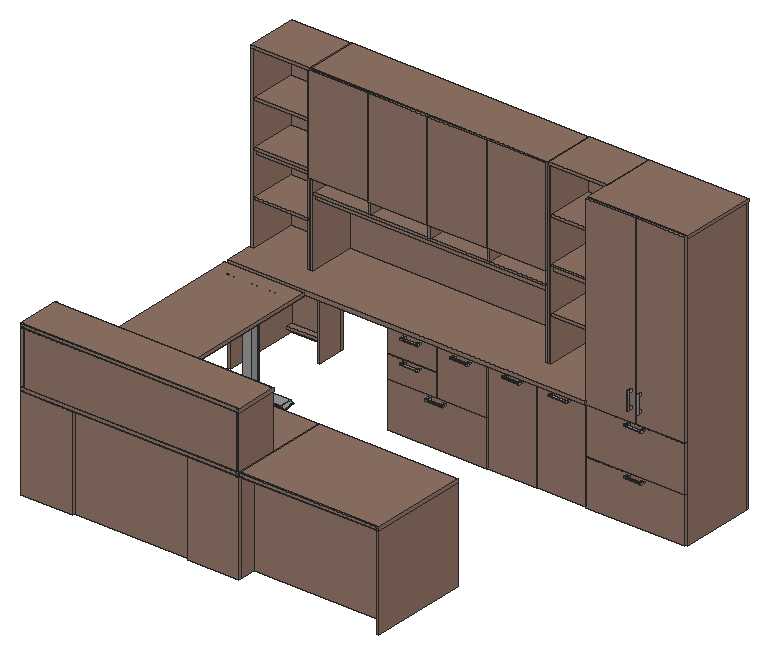
Revit family "JSI-Vision-Typical_Veneer-VSV112", category Furniture, Revit 2020 (continued)
Definition of nested family "JSI-Vision-Adjustable_Table_Height_Bridge-Standard_Range"
  Definition of nested family "Adj Base Bridge Desk"
    Forms (in)
      Extrusion 2, solid, material <- "Support Finish"
        sketch origin (8.68126, 0, 0) x (0, 1, 0) y (0, 0, 1)
          loop
            arc (-2.01772, 27.31644) -> (-1.94814, 27.34526) -> (-1.91932, 27.41484) r 0.0984
            line (-1.91932, 27.41484) -> (-1.91932, 28.60064)
            arc (-1.91932, 28.60064) -> (-1.94678, 28.66693) -> (-2.01307, 28.69439) r 0.09375
            line (-2.01307, 28.69439) -> (-2.61158, 28.69439)
            arc (-2.61158, 28.69439) -> (-2.67882, 28.66654) -> (-2.70667, 28.59931) r 0.09508
            line (-2.70667, 28.59931) -> (-2.70667, 27.41484)
            arc (-2.70667, 27.41484) -> (-2.67785, 27.34526) -> (-2.60827, 27.31644) r 0.0984
        from -6.06315 to 14.07466
      Extrusion 3, solid, material <- "Support Finish"
        sketch origin (1.70596, 0, 0) x (0, 1, 0) y (0, 0, 1)
          loop
            arc (2.50984, 27.82825) -> (2.59335, 27.86284) -> (2.62794, 27.94635) r 0.1181
            line (2.62794, 27.94635) -> (2.62794, 28.49755)
            arc (2.62794, 28.49755) -> (2.59335, 28.58106) -> (2.50984, 28.61565) r 0.1181
            line (2.50984, 28.61565) -> (2.15551, 28.61565)
            arc (2.15551, 28.61565) -> (2.072, 28.58106) -> (2.03741, 28.49755) r 0.1181
            line (2.03741, 28.49755) -> (2.03741, 27.94635)
            arc (2.03741, 27.94635) -> (2.072, 27.86284) -> (2.15551, 27.82825) r 0.1181
            line (2.15551, 27.82825) -> (2.50984, 27.82825)
          loop
            arc (-2.15551, 27.82825) -> (-2.072, 27.86284) -> (-2.03741, 27.94635) r 0.1181
            line (-2.03741, 27.94635) -> (-2.03741, 28.49755)
            arc (-2.03741, 28.49755) -> (-2.072, 28.58106) -> (-2.15551, 28.61565) r 0.1181
            line (-2.15551, 28.61565) -> (-2.50984, 28.61565)
            arc (-2.50984, 28.61565) -> (-2.59335, 28.58106) -> (-2.62794, 28.49755) r 0.1181
            line (-2.62794, 28.49755) -> (-2.62794, 27.94635)
            arc (-2.62794, 27.94635) -> (-2.59335, 27.86284) -> (-2.50984, 27.82825) r 0.1181
            line (-2.50984, 27.82825) -> (-2.15551, 27.82825)
        from 3.18381 to 39.40428
      Extrusion 4, solid, material <- "Feet Finish"
        sketch origin (3.34686, 0, 0) x (0, 1, 0) y (0, 0, 1)
          loop
            line (10.52318, 1.16069) -> (-10.52318, 1.16069)
            arc (-10.52318, 1.16069) -> (-10.60868, 1.14561) -> (-10.68388, 1.1022) r 0.25
            line (-10.68388, 1.1022) -> (-11.48879, 0.4268) -> (-11.40022, 0.32124) -> (-10.59879, 0.99371)
            arc (-10.59879, 0.99371) -> (-10.56128, 1.01537) -> (-10.51862, 1.02289) r 0.12472
            line (-10.51862, 1.02289) -> (10.51852, 1.02289)
            arc (10.51852, 1.02289) -> (10.56128, 1.01536) -> (10.59887, 0.99365) r 0.125
            line (10.59887, 0.99365) -> (11.40022, 0.32124) -> (11.48879, 0.4268) -> (10.68388, 1.1022)
            arc (10.68388, 1.1022) -> (10.60869, 1.14561) -> (10.52318, 1.16069) r 0.25
        from -0.06142 to 3.56063
      Extrusion 5, solid, material <- "Feet Finish"
        sketch origin (3.34686, 0, 0) x (0, 1, 0) y (0, 0, 1)
          loop
            line (-11.14173, 0.39297) -> (11.14173, 0.39297) -> (11.14173, 0.53813) -> (10.59887, 0.99365)
            arc (10.59887, 0.99365) -> (10.56128, 1.01535) -> (10.51852, 1.02289) r 0.125
            line (10.51852, 1.02289) -> (-10.51862, 1.02289)
            arc (-10.51862, 1.02289) -> (-10.56128, 1.01537) -> (-10.59879, 0.99371) r 0.12472
            line (-10.59879, 0.99371) -> (-11.14173, 0.53813) -> (-11.14173, 0.39297)
        from 0.19449 to 3.30472
      Extrusion 6, solid, material <- "Feet Finish"
        sketch origin (16.23738, 0, 0) x (0, 1, 0) y (0, 0, 1)
          loop
            line (10.52318, 1.16069) -> (-10.52318, 1.16069)
            arc (-10.52318, 1.16069) -> (-10.60868, 1.14561) -> (-10.68387, 1.1022) r 0.25
            line (-10.68387, 1.1022) -> (-11.48879, 0.4268) -> (-11.40022, 0.32124) -> (-10.59879, 0.99372)
            arc (-10.59879, 0.99372) -> (-10.56128, 1.01537) -> (-10.51862, 1.02289) r 0.12472
            line (-10.51862, 1.02289) -> (10.51852, 1.02289)
            arc (10.51852, 1.02289) -> (10.56128, 1.01536) -> (10.59887, 0.99365) r 0.125
            line (10.59887, 0.99365) -> (11.40022, 0.32124) -> (11.48879, 0.4268) -> (10.68388, 1.1022)
            arc (10.68388, 1.1022) -> (10.60869, 1.14561) -> (10.52318, 1.16069) r 0.25
        from 22.85513 to 26.47717
      Extrusion 7, solid, material <- "Low Leg Finish"
        sketch origin (0, 0, 0) x (1, 0, 0) y (0, 1, 0)
          loop
            line (3.73819, 1.26995) -> (3.73819, -1.2505)
            arc (3.73819, -1.2505) -> (3.76702, -1.3201) -> (3.83661, -1.34893) r 0.09843
            line (3.83661, -1.34893) -> (6.35665, -1.34893)
            arc (6.35665, -1.34893) -> (6.426, -1.3202) -> (6.45472, -1.25086) r 0.09807
            line (6.45472, -1.25086) -> (6.45472, 1.26918)
            arc (6.45472, 1.26918) -> (6.42589, 1.33878) -> (6.3563, 1.36761) r 0.09843
            line (6.3563, 1.36761) -> (3.83585, 1.36761)
            arc (3.83585, 1.36761) -> (3.76679, 1.33901) -> (3.73819, 1.26995) r 0.09766
          loop
            arc (42.26182, 1.25984) -> (42.23299, 1.32944) -> (42.16339, 1.35827) r 0.09843
            line (42.16339, 1.35827) -> (39.64371, 1.35827)
            arc (39.64371, 1.35827) -> (39.57411, 1.32944) -> (39.54528, 1.25984) r 0.09843
            line (39.54528, 1.25984) -> (39.54528, -1.23588)
            arc (39.54528, -1.23588) -> (39.57839, -1.31582) -> (39.65833, -1.34893) r 0.11305
            line (39.65833, -1.34893) -> (42.16339, -1.34893)
            arc (42.16339, -1.34893) -> (42.23299, -1.3201) -> (42.26182, -1.2505) r 0.09843
            line (42.26182, -1.2505) -> (42.26182, 1.25984)
        from 1.16069 to 24.73029
      Extrusion 8, solid, material <- "Support Finish"
        sketch origin (0, 0, 0) x (1, 0, 0) y (0, 0, 1)
          loop
            line (2.5, 26.64715) -> (2.61811, 26.64715) -> (2.61811, 28.65745)
            arc (2.61811, 28.65745) -> (2.62893, 28.68357) -> (2.65505, 28.69439) r 0.03694
            line (2.65505, 28.69439) -> (4.0748, 28.69439) -> (4.0748, 28.8125) -> (2.65534, 28.8125)
            arc (2.65534, 28.8125) -> (2.5455, 28.767) -> (2.5, 28.65716) r 0.15534
            line (2.5, 28.65716) -> (2.5, 26.64715)
          loop
            line (43.50001, 26.64715) -> (43.50001, 28.65716)
            arc (43.50001, 28.65716) -> (43.45451, 28.767) -> (43.34467, 28.8125) r 0.15534
            line (43.34467, 28.8125) -> (41.9252, 28.8125) -> (41.9252, 28.69439) -> (43.33499, 28.69439)
            arc (43.33499, 28.69439) -> (43.36816, 28.68065) -> (43.3819, 28.64748) r 0.04691
            line (43.3819, 28.64748) -> (43.3819, 26.64715) -> (43.50001, 26.64715)
        from -10.14567 to 10.14567
      Extrusion 9, void
        sketch origin (0, 0, 0) x (0, 1, 0) y (0, 0, 1)
          loop
            line (-9.64567, 29.15728) -> (-10.14567, 29.15728) -> (-10.14567, 26.15728) -> (10.14567, 26.15728) -> (10.14567, 29.15728) -> (9.64567, 29.15728) -> (9.64567, 28.43724)
            arc (9.64567, 28.43724) -> (9.53149, 28.11921) -> (9.2411, 27.94643) r 0.5
            line (9.2411, 27.94643) -> (2.76152, 26.68651)
            arc (2.76152, 26.68651) -> (2.61903, 26.66585) -> (2.47521, 26.65894) r 1.5
            line (2.47521, 26.65894) -> (-2.47521, 26.65894)
            arc (-2.47521, 26.65894) -> (-2.61903, 26.66585) -> (-2.76152, 26.68651) r 1.5
            line (-2.76152, 26.68651) -> (-9.2411, 27.94643)
            arc (-9.2411, 27.94643) -> (-9.53149, 28.11921) -> (-9.64567, 28.43724) r 0.5
            line (-9.64567, 28.43724) -> (-9.64567, 29.15728)
        from 1.99619 to 44.00235
      Extrusion 10, solid, material <- "Support Finish"
        sketch origin (60.8427, 0, 0) x (0, 1, 0) y (0, 0, -1)
          loop
            line (-2.01772, -27.31644) -> (-2.61292, -27.31644)
            arc (-2.61292, -27.31644) -> (-2.67921, -27.3439) -> (-2.70667, -27.41019) r 0.09375
            line (-2.70667, -27.41019) -> (-2.70667, -28.60064)
            arc (-2.70667, -28.60064) -> (-2.67921, -28.66693) -> (-2.61292, -28.69439) r 0.09375
            line (-2.61292, -28.69439) -> (-2.0144, -28.69439)
            arc (-2.0144, -28.69439) -> (-1.94717, -28.66654) -> (-1.91932, -28.59931) r 0.09508
            line (-1.91932, -28.59931) -> (-1.91932, -27.41484)
            arc (-1.91932, -27.41484) -> (-1.94814, -27.34526) -> (-2.01772, -27.31644) r 0.0984
          loop
            line (2.60827, -27.31644) -> (2.0132, -27.31644)
            arc (2.0132, -27.31644) -> (1.94682, -27.34394) -> (1.91932, -27.41032) r 0.09389
            line (1.91932, -27.41032) -> (1.91932, -28.59931)
            arc (1.91932, -28.59931) -> (1.94717, -28.66654) -> (2.0144, -28.69439) r 0.09508
            line (2.0144, -28.69439) -> (2.61292, -28.69439)
            arc (2.61292, -28.69439) -> (2.67921, -28.66693) -> (2.70667, -28.60064) r 0.09375
            line (2.70667, -28.60064) -> (2.70667, -27.41484)
            arc (2.70667, -27.41484) -> (2.67785, -27.34526) -> (2.60827, -27.31644) r 0.0984
        from 17.46081 to 37.59861
      Revolve 11, solid, material <- "Glide Finish"
        sketch origin (-1, -10.27559, 0) x (1, 0, 0) y (0, 0, 1)
          loop
            line (6.09647, 0.94489) -> (5.93882, 0.94489) -> (5.93882, 0.39297) -> (5.30863, 0.39297) -> (5.11222, 0.19657) -> (5.11222, 0) -> (6.09647, 0) -> (6.09647, 0.94489)
          axis (6.09647, 0.94489) -> (6.09647, 0)
        angle from 0 to 360
      Revolve 12, solid, material <- "Glide Finish"
        sketch origin (-1, 10.27547, 0) x (1, 0, 0) y (0, 0, 1)
          loop
            line (6.09647, 0.94489) -> (5.93882, 0.94489) -> (5.93882, 0.39297) -> (5.30863, 0.39297) -> (5.11222, 0.19657) -> (5.11222, 0) -> (6.09647, 0) -> (6.09647, 0.94489)
          axis (6.09647, 0.94489) -> (6.09647, 0)
        angle from 0 to 360
      Revolve 13, solid, material <- "Glide Finish"
        sketch origin (63.69757, -10.27559, 0) x (1, 0, 0) y (0, 0, 1)
          loop
            line (-22.79404, 0.94489) -> (-22.95169, 0.94489) -> (-22.95169, 0.39297) -> (-23.58189, 0.39297) -> (-23.77829, 0.19657) -> (-23.77829, 0) -> (-22.79404, 0) -> (-22.79404, 0.94489)
          axis (-22.79404, 0.94489) -> (-22.79404, 0)
        angle from 0 to 360
      Revolve 14, solid, material <- "Glide Finish"
        sketch origin (63.69757, 10.27547, 0) x (1, 0, 0) y (0, 0, 1)
          loop
            line (-22.79404, 0.94489) -> (-22.95169, 0.94489) -> (-22.95169, 0.39297) -> (-23.58189, 0.39297) -> (-23.77829, 0.19657) -> (-23.77829, 0) -> (-22.79404, 0) -> (-22.79404, 0.94489)
          axis (-22.79404, 0.94489) -> (-22.79404, 0)
        angle from 0 to 360
      Extrusion 15, solid, material <- "Feet Finish"
        sketch origin (67.04443, 0, 0) x (0, 1, 0) y (0, 0, 1)
          loop
            line (-11.14173, 0.39297) -> (11.14173, 0.39297) -> (11.14173, 0.53813) -> (10.59887, 0.99365)
            arc (10.59887, 0.99365) -> (10.56128, 1.01535) -> (10.51852, 1.02289) r 0.125
            line (10.51852, 1.02289) -> (-10.51862, 1.02289)
            arc (-10.51862, 1.02289) -> (-10.56128, 1.01537) -> (-10.59879, 0.99371) r 0.12472
            line (-10.59879, 0.99371) -> (-11.14173, 0.53813) -> (-11.14173, 0.39297)
        from -27.69602 to -24.58578
      Extrusion 16, solid
        sketch origin (0, 0, 0) x (1, 0, 0) y (0, 1, 0)
          loop
            line (3.92519, 1.08218) -> (3.92519, -1.06349)
            arc (3.92519, -1.06349) -> (3.95402, -1.13309) -> (4.02362, -1.16192) r 0.09843
            line (4.02362, -1.16192) -> (6.16929, -1.16192)
            arc (6.16929, -1.16192) -> (6.23889, -1.13309) -> (6.26771, -1.06349) r 0.09843
            line (6.26771, -1.06349) -> (6.26771, 1.08218)
            arc (6.26771, 1.08218) -> (6.23889, 1.15177) -> (6.16929, 1.1806) r 0.09843
            line (6.16929, 1.1806) -> (4.02362, 1.1806)
            arc (4.02362, 1.1806) -> (3.95402, 1.15177) -> (3.92519, 1.08218) r 0.09843
          loop
            line (39.73229, 1.08218) -> (39.73229, -1.06349)
            arc (39.73229, -1.06349) -> (39.76112, -1.13309) -> (39.83071, -1.16192) r 0.09843
            line (39.83071, -1.16192) -> (41.96061, -1.16192)
            arc (41.96061, -1.16192) -> (42.04136, -1.12847) -> (42.07481, -1.04772) r 0.1142
            line (42.07481, -1.04772) -> (42.07481, 1.08218)
            arc (42.07481, 1.08218) -> (42.04598, 1.15177) -> (41.97638, 1.1806) r 0.09843
            line (41.97638, 1.1806) -> (39.83071, 1.1806)
            arc (39.83071, 1.1806) -> (39.76112, 1.15177) -> (39.73229, 1.08218) r 0.09843
        from 26.65894 to 3.2731
    Cuts and joins
      Extrusion 9 cuts Extrusion 8
    Lines and regions (in)
      symbolic lines
        curve 1: line (6.9075, 11.48879, 0) -> (3.28545, 11.48879, 0)
        curve 2: line (6.9075, -11.48879, 0) -> (6.9075, 11.48879, 0)
        curve 3: line (3.28545, -11.48879, 0) -> (6.9075, -11.48879, 0)
        curve 4: line (3.28545, 11.48879, 0) -> (3.28545, 9.64567, 0)
        curve 5: line (42.71456, 11.48879, 0) -> (39.09251, 11.48879, 0)
        curve 6: line (42.71456, 9.64567, 0) -> (42.71456, 11.48879, 0)
        curve 7: line (39.09251, -11.48879, 0) -> (42.81987, -11.48879, 0)
        curve 8: line (39.09251, 11.48879, 0) -> (39.09251, -11.48879, 0)
        curve 9: line (2.5, 9.64567, 0) -> (4.0748, 9.64567, 0)
        curve 10: line (2.5, -9.64567, 0) -> (2.5, 9.64567, 0)
        curve 11: line (4.0748, -9.64567, 0) -> (2.5, -9.64567, 0)
        curve 12: line (4.0748, 9.64567, 0) -> (4.0748, -9.64567, 0)
        curve 13: line (43.50001, 9.64567, 0) -> (41.9252, 9.64567, 0)
        curve 14: line (43.50001, -9.64567, 0) -> (43.50001, 9.64567, 0)
        curve 15: line (41.9252, -9.64567, 0) -> (43.50001, -9.64567, 0)
        curve 16: line (41.9252, 9.64567, 0) -> (41.9252, -9.64567, 0)
        curve 17: line (41.9252, 2.70667, 0) -> (23.24409, 2.70667, 0)
        curve 18: line (23.24409, 2.70667, 0) -> (23.24409, 1.91932, 0)
        curve 19: line (23.24409, 1.91932, 0) -> (41.9252, 1.91932, 0)
        curve 20: line (41.9252, -1.92113, 0) -> (23.24409, -1.91932, 0)
        curve 21: line (23.24409, -1.91932, 0) -> (23.24409, -2.70667, 0)
        curve 22: line (23.24409, -2.70667, 0) -> (41.9252, -2.70667, 0)
        curve 23: line (22.75592, 2.70667, 0) -> (22.75592, 1.91932, 0)
        curve 24: line (22.75592, 1.91932, 0) -> (4.0748, 1.91932, 0)
        curve 25: line (22.75592, 2.70667, 0) -> (4.0748, 2.70667, 0)
        curve 26: line (22.75592, -1.91932, 0) -> (4.0748, -1.91932, 0)
        curve 27: line (22.75592, -2.70667, 0) -> (4.0748, -2.70667, 0)
        curve 28: line (22.75592, -1.91932, 0) -> (22.75592, -2.70667, 0)
        curve 29: line (3.28545, -11.48879, 0) -> (3.28545, -9.64567, 0)
        curve 30: line (42.81987, -11.48879, 0) -> (42.81987, -9.64567, 0)
        curve 31: line (22.75592, 2.62798, 0) -> (23.24409, 2.62798, 0)
        curve 32: line (22.75592, 2.03782, 0) -> (23.24409, 2.03782, 0)
        curve 33: line (22.75592, -2.03689, 0) -> (23.24409, -2.03689, 0)
        curve 34: line (22.75592, -2.6279, 0) -> (23.24409, -2.6279, 0)
    Dimensions and locks (in)
      "Height": plane 2 to plane 4
      Extrusion 1 sketch curve to Extrusion 1 sketch curve to Extrusion 1 sketch curve to plane 4 = 1.57541" locked, 0.275", 1.49065"
      Extrusion 4 sketch curve to Extrusion 4 sketch curve to Extrusion 4 sketch curve to Extrusion 4 sketch curve to plane 1 "Center (Front/Back)" to Extrusion 4 sketch curve to Extrusion 4 sketch curve to Extrusion 4 sketch curve to Extrusion 4 sketch curve = 0.08857" locked, 0.87704" locked, 0.00456" locked, 10.51862" locked, 10.51852" locked, 0.00466" locked, 0.87704" locked, 0.08857" locked
      plane 2 to Extrusion 4 sketch curve to Extrusion 4 sketch curve to Extrusion 4 sketch curve to Extrusion 4 sketch curve to Extrusion 4 sketch curve to Extrusion 4 sketch curve = 0.32124" locked, 0.10556" locked, 0.4711" locked, 0.0128" locked, 0.1122" locked, 0.1378" locked
      plane 2 to Extrusion 5 sketch curve to Extrusion 5 sketch curve = 0.39297" locked, 0.62992" locked
      Extrusion 5 sketch curve to plane 1 "Center (Front/Back)" to Extrusion 5 sketch curve = 11.14173" locked, 11.14173" locked
      Extrusion 6 sketch curve to Extrusion 6 sketch curve to Extrusion 6 sketch curve to Extrusion 6 sketch curve to Extrusion 6 sketch curve to Extrusion 6 sketch curve to Extrusion 6 sketch curve to Extrusion 6 sketch curve = 0.08857" locked, 0.87704" locked, 0.00456" locked, 21.03715", 0.00466" locked, 0.87704" locked, 0.08857" locked
      Extrusion 6 sketch curve to Extrusion 6 sketch curve to Extrusion 6 sketch curve to Extrusion 6 sketch curve to Extrusion 6 sketch curve to Extrusion 6 sketch curve = 0.10556" locked, 0.4711" locked, 0.0128" locked, 0.1122" locked, 0.1378" locked
      Extrusion 7 sketch curve to Extrusion 7 sketch curve to plane 1 "Center (Front/Back)" to Extrusion 7 sketch curve to Extrusion 7 sketch curve = 0.09843" locked, 1.2505", 1.25984" locked, 0.09843" locked
      Extrusion 7 sketch curve to Extrusion 7 sketch curve to Extrusion 7 sketch curve to Extrusion 7 sketch curve to plane 5 = 0.09843" locked, 2.51969" locked, 0.09843" locked, 3.73818" locked
      locked: Extrusion 7 to plane 2 at 24.73029
      Extrusion 1 sketch curve to Extrusion 1 sketch curve to Extrusion 1 sketch curve to plane 4 = 1.57541" locked, 0.275" locked, 1.49065" locked
      Extrusion 1 sketch curve to Extrusion 1 sketch curve to Extrusion 1 sketch curve to Extrusion 1 sketch curve to plane 3 "Center (Left/Right)" = 0.5621" locked, 0.50019" locked, 7.59913" locked, 2.93732" locked
      plane 5 to Extrusion 1 sketch curve to Extrusion 1 sketch curve to Extrusion 1 sketch curve = 2.93731" locked, 7.59913" locked, 1.06228" locked
      Extrusion 2 sketch curve to Extrusion 2 sketch curve to Extrusion 2 sketch curve to Extrusion 2 sketch curve to plane 1 "Center (Front/Back)" to Extrusion 2 sketch curve to Extrusion 2 sketch curve to Extrusion 2 sketch curve to Extrusion 2 sketch curve = 0.09508" locked, 0.59852" locked, 3/32" locked, 1.91932" locked, 1.91932" locked, 3/32" locked, 0.59852" locked, 0.09508" locked
      locked: plane 4 to plane 6 at 1.1875
      Extrusion 3 sketch curve to Extrusion 3 sketch curve to Extrusion 3 sketch curve to Extrusion 3 sketch curve to plane 1 "Center (Front/Back)" to Extrusion 3 sketch curve to Extrusion 3 sketch curve to Extrusion 3 sketch curve to Extrusion 3 sketch curve = 0.1181" locked, 0.35433" locked, 0.1181" locked, 2.03741" locked, 2.03741" locked, 0.1181" locked, 0.35433" locked, 0.1181" locked
      plane 6 to Extrusion 3 sketch curve to Extrusion 3 sketch curve to Extrusion 3 sketch curve to Extrusion 3 sketch curve = 0.19685" locked, 0.1181" locked, 0.5512" locked, 0.1181" locked
      Extrusion 8 sketch curve to Extrusion 8 sketch curve to Extrusion 8 sketch curve to Extrusion 8 sketch curve to plane 3 "Center (Left/Right)" = 1.41947" locked, 0.03723" locked, 0.11811" locked, 2 1/2" locked
      Extrusion 8 sketch curve to Extrusion 8 sketch curve to Extrusion 8 sketch curve to Extrusion 8 sketch curve to plane 5 = 1.41947" locked, 0.03723" locked, 0.11811" locked, 2 1/2"
      plane 6 to Extrusion 8 sketch curve to Extrusion 8 sketch curve to Extrusion 8 sketch curve = 0.11811" locked, 0.03723" locked, 2.01002" locked
      locked: plane 5 to Extrusion 9 at 1.99765
      locked: plane 3 "Center (Left/Right)" to Extrusion 9 at 1.99619
      Extrusion 9 sketch curve to plane 6 to Extrusion 9 sketch curve to Extrusion 9 sketch curve to Extrusion 9 sketch curve to Extrusion 9 sketch curve = 0.34478" locked, 0.37526" locked, 0.2783" locked, 1 1/2" locked, 0.50165" locked
      Extrusion 9 sketch curve to Extrusion 9 sketch curve to Extrusion 9 sketch curve to Extrusion 9 sketch curve to plane 1 "Center (Front/Back)" to Extrusion 9 sketch curve to Extrusion 9 sketch curve to Extrusion 9 sketch curve to Extrusion 9 sketch curve = 1/2" locked, 1/2" locked, 6.67046" locked, 2.47521" locked, 2.47521" locked, 6.67046" locked, 1/2" locked, 1/2" locked
      Extrusion 10 sketch curve to Extrusion 10 sketch curve to Extrusion 10 sketch curve to Extrusion 10 sketch curve to Extrusion 10 sketch curve to Extrusion 10 sketch curve to Extrusion 10 sketch curve to Extrusion 10 sketch curve = 3/32" locked, 0.59852" locked, 0.09508" locked, 3.83863" locked, 0.09508" locked, 0.59852" locked, 3/32" locked
      Extrusion 10 to Extrusion 3 to plane 5 = 17.86615" locked, 4.88976" locked
      Extrusion 2 to Extrusion 3 to plane 3 "Center (Left/Right)" = 17.86615" locked, 4.88977" locked
      Revolve 11 sketch curve to Revolve 11 sketch curve to Revolve 11 sketch curve to plane 7 = 0.1964" locked, 0.63019" locked, 0.15765" locked
      Revolve 12 sketch curve to Revolve 12 sketch curve to Revolve 12 sketch curve = 0.1964" locked, 0.63019" locked
      Revolve 12 to plane 1 "Center (Front/Back)" to Revolve 11 = 10.27547" locked, 10.27559" locked
      Revolve 13 sketch curve to Revolve 13 sketch curve to Revolve 13 sketch curve to plane 8 = 0.1964" locked, 0.63019" locked, 0.15765" locked
      Revolve 14 sketch curve to Revolve 14 sketch curve to Revolve 14 sketch curve = 0.1964" locked, 0.63019" locked
      Revolve 14 to Revolve 13 = 20.55106"
      Revolve 13 to plane 1 "Center (Front/Back)" to Revolve 14 = 10.27559" locked, 10.27547" locked
      locked: Extrusion 15 sketch curve to Extrusion 15 sketch curve at 0.62992
      Extrusion 15 sketch curve to plane 1 "Center (Front/Back)" to Extrusion 15 sketch curve = 11.14173" locked, 11.14173" locked
      "W Top": plane 3 "Center (Left/Right)" to plane 5
      plane 3 "Center (Left/Right)" to plane 7 = 5.09647"
      plane 8 to plane 5 = 5.09647"
      Extrusion 7 sketch curve to Extrusion 7 sketch curve to plane 1 "Center (Front/Back)" to Extrusion 7 sketch curve to Extrusion 7 sketch curve = 0.09843" locked, 1.2505" locked, 1.26995" locked, 25/256" locked
      plane 3 "Center (Left/Right)" to Extrusion 7 sketch curve to Extrusion 7 sketch curve to Extrusion 7 sketch curve to Extrusion 7 sketch curve = 3.73819" locked, 25/256" locked, 2.52045" locked, 0.09843" locked
      Extrusion 16 sketch curve to Extrusion 16 sketch curve to plane 1 "Center (Front/Back)" to Extrusion 16 sketch curve to Extrusion 16 sketch curve = 0.09843" locked, 1.06349" locked, 1.08218" locked, 0.09843" locked
      plane 3 "Center (Left/Right)" to Extrusion 16 sketch curve to Extrusion 16 sketch curve to Extrusion 16 sketch curve to Extrusion 16 sketch curve = 3.92519" locked, 0.09843" locked, 2.14567" locked, 0.09843" locked
      Extrusion 16 sketch curve to Extrusion 16 sketch curve to Extrusion 16 sketch curve to Extrusion 16 sketch curve to plane 5 = 0.09843" locked, 2.14567" locked, 0.09843" locked, 3.92519" locked
      plane 1 "Center (Front/Back)" to Extrusion 16 = 1.16192"
      Extrusion 16 to Extrusion 16 to plane 6 = 23.38583" locked, 2.15356" locked
      Extrusion 6 to Extrusion 15 to plane 8 to Extrusion 15 to Extrusion 6 to plane 5 = 0.25591" locked, 1.55512" locked, 1.55512" locked, 0.25591" locked, 3.28544" locked
      Extrusion 16 sketch curve to Extrusion 16 sketch curve to plane 1 "Center (Front/Back)" to Extrusion 16 sketch curve to Extrusion 16 sketch curve = 0.09843" locked, 1.08218" locked, 1.04772" locked, 0.1142" locked
      aligned and locked: plane 2 to level
      aligned and locked: Extrusion 7 to Extrusion 4
      aligned and locked: Extrusion 3 sketch curve to Extrusion 3 sketch curve  (x2)
      aligned and locked: Extrusion 8 sketch curve to plane 6
      aligned and locked: plane 6 to Extrusion 8 sketch curve
      aligned and locked: Extrusion 8 sketch curve to Extrusion 8 sketch curve  (x2)
      aligned and locked: Extrusion 9 sketch curve to Extrusion 9 sketch curve
      aligned and locked: plane 7 to Revolve 11 sketch curve
      aligned and locked: plane 8 to Revolve 13 sketch curve
      aligned and locked: curve 1 to Extrusion 4
      aligned and locked: curve 2 to Extrusion 4
      aligned and locked: Extrusion 4 to curve 3
      aligned and locked: curve 4 to Extrusion 4
      aligned and locked: curve 5 to Extrusion 6
      aligned and locked: Extrusion 6 to curve 6
      aligned and locked: curve 7 to Extrusion 6
      aligned and locked: curve 8 to Extrusion 6
      aligned and locked: curve 9 to cut or joined group of Extrusion 8, Extrusion 9
      aligned and locked: curve 10 to cut or joined group of Extrusion 8, Extrusion 9
      aligned and locked: cut or joined group of Extrusion 8, Extrusion 9 to curve 11
      aligned and locked: curve 12 to cut or joined group of Extrusion 8, Extrusion 9
      aligned and locked: curve 13 to cut or joined group of Extrusion 8, Extrusion 9
      aligned and locked: curve 14 to cut or joined group of Extrusion 8, Extrusion 9
      aligned and locked: curve 15 to cut or joined group of Extrusion 8, Extrusion 9
      aligned and locked: curve 16 to cut or joined group of Extrusion 8, Extrusion 9
      aligned and locked: Extrusion 2 to curve 31
      aligned and locked: Extrusion 2 to curve 32
      aligned and locked: Extrusion 10 to curve 31
      aligned and locked: Extrusion 10 to curve 32
      aligned and locked: Extrusion 2 to curve 33
      aligned and locked: Extrusion 2 to curve 34
      aligned and locked: Extrusion 10 to curve 33
      aligned and locked: Extrusion 10 to curve 34
      aligned and locked: Extrusion 16 to Extrusion 1
    Automatic sketch dimensions
      Extrusion 3 sketch curve to Extrusion 3 sketch curve = 0.1181"  (x3)
      level to Extrusion 4 sketch curve = 1.1022"  (x2)
      Extrusion 4 sketch curve to Extrusion 4 sketch curve = 0.1607"  (x2)
      level to Extrusion 4 sketch curve = 0.99371"
      Extrusion 4 sketch curve to Extrusion 4 sketch curve = 0.07561"
      Extrusion 4 sketch curve to Extrusion 4 sketch curve = 0.08017"
      level to Extrusion 4 sketch curve = 0.99365"
      Extrusion 4 sketch curve to Extrusion 4 sketch curve = 0.09554"
      Extrusion 4 sketch curve to Extrusion 4 sketch curve = 0.01252"
      level to Extrusion 6 sketch curve = 0.4268"
      plane 1 "Center (Front/Back)" to Extrusion 6 sketch curve = 11.48879"
      level to Extrusion 6 sketch curve = 1.1022"  (x2)
      Extrusion 6 sketch curve to Extrusion 6 sketch curve = 0.16069"  (x2)
      level to Extrusion 6 sketch curve = 0.99372"
      Extrusion 6 sketch curve to Extrusion 6 sketch curve = 0.08017"
      level to Extrusion 6 sketch curve = 0.99365"
      Extrusion 6 sketch curve to Extrusion 6 sketch curve = 0.08035"
      level to Extrusion 15 sketch curve = 0.89789"
      level to Extrusion 15 sketch curve = 0.99365"
      Extrusion 15 sketch curve to Extrusion 15 sketch curve = 0.08035"
      Extrusion 15 sketch curve to Extrusion 15 sketch curve = 0.62321"
      Extrusion 15 sketch curve to Extrusion 15 sketch curve = 0.54294"
      Extrusion 15 sketch curve to Extrusion 15 sketch curve = 0.08017"
      Extrusion 15 sketch curve to Extrusion 15 sketch curve = 0.14516"  (x2)
      Extrusion 15 sketch curve to Extrusion 15 sketch curve = 0.12472"
      Extrusion 1 sketch curve to Extrusion 1 sketch curve = 0.5621"
      Extrusion 2 sketch curve to Extrusion 2 sketch curve = 0.0984"  (x4)
      Extrusion 2 sketch curve to plane 6 = 1.49606"  (x2)
      Extrusion 2 sketch curve to plane 6 = 0.21319"  (x2)
      level to Extrusion 5 sketch curve = 0.99371"
      Extrusion 5 sketch curve to Extrusion 5 sketch curve = 0.54294"
      Extrusion 5 sketch curve to Extrusion 5 sketch curve = 0.08017"
      Extrusion 5 sketch curve to Extrusion 5 sketch curve = 0.62321"
      level to Extrusion 5 sketch curve = 0.99365"
      Extrusion 5 sketch curve to Extrusion 5 sketch curve = 0.08035"
      Extrusion 5 sketch curve to Extrusion 5 sketch curve = 0.14516"  (x2)
      Extrusion 9 sketch curve to plane 6 = 0.86607"  (x2)
      Extrusion 9 sketch curve to Extrusion 9 sketch curve = 0.09543"
      Extrusion 9 sketch curve to plane 6 = 2.12599"  (x2)
      Extrusion 9 sketch curve to Extrusion 9 sketch curve = 0.2863"
      plane 1 "Center (Front/Back)" to Extrusion 10 sketch curve = 2.70667"
      Extrusion 10 sketch curve to Extrusion 10 sketch curve = 3/32"
      Extrusion 10 sketch curve to Extrusion 10 sketch curve = 0.0984"  (x2)
      Extrusion 10 sketch curve to Extrusion 10 sketch curve = 0.09389"
      Extrusion 10 sketch curve to plane 6 = 0.11811"  (x2)
      Extrusion 10 sketch curve to Extrusion 10 sketch curve = 1.18447"
      Extrusion 10 sketch curve to Extrusion 10 sketch curve = 1.1858"
      plane 7 to Revolve 11 sketch curve = 0"
      Revolve 11 sketch curve to level = 0"
      level to Revolve 11 sketch curve = 0.19657"
      Revolve 11 sketch curve to Revolve 11 sketch curve = 0.1964"
      Revolve 11 sketch curve to Revolve 11 sketch curve = 0.55192"
      Revolve 11 sketch curve to Revolve 11 sketch curve = 0.16385"
      Revolve 11 sketch curve to Revolve 11 sketch curve = 0.05111"
      plane 7 to Revolve 12 sketch curve = 0"  (x2)
      plane 7 to Revolve 12 sketch curve = 0.15765"
      Revolve 12 sketch curve to level = 0"
      level to Revolve 12 sketch curve = 0.19657"
      Revolve 12 sketch curve to Revolve 12 sketch curve = 0.1964"
      Revolve 12 sketch curve to Revolve 12 sketch curve = 0.55192"
      Revolve 12 sketch curve to Revolve 12 sketch curve = 0.16385"
      Revolve 12 sketch curve to Revolve 12 sketch curve = 0.05111"
      Revolve 13 sketch curve to level = 0"
      plane 8 to Revolve 13 sketch curve = 0"
      level to Revolve 13 sketch curve = 0.19657"
      Revolve 13 sketch curve to Revolve 13 sketch curve = 0.1964"
      Revolve 13 sketch curve to Revolve 13 sketch curve = 0.55192"
      Revolve 13 sketch curve to Revolve 13 sketch curve = 0.16385"
      Revolve 13 sketch curve to Revolve 13 sketch curve = 0.05111"
      Revolve 14 sketch curve to level = 0"
      plane 8 to Revolve 14 sketch curve = 0"  (x2)
      plane 8 to Revolve 14 sketch curve = 0.15765"
      level to Revolve 14 sketch curve = 0.19657"
      Revolve 14 sketch curve to Revolve 14 sketch curve = 0.1964"
      Revolve 14 sketch curve to Revolve 14 sketch curve = 0.55192"
      Revolve 14 sketch curve to Revolve 14 sketch curve = 0.16385"
      Revolve 14 sketch curve to Revolve 14 sketch curve = 0.05111"
      plane 7 to curve 3 = 1.81102"
      plane 1 "Center (Front/Back)" to curve 28 = 1.91932"
      plane 1 "Center (Front/Back)" to curve 20 = 1.91932"
      curve 30 to plane 8 = 1.91634"
      curve 28 to curve 26 = 0.78735"
      curve 22 to curve 20 = 0.78735"
      curve 18 to plane 1 "Center (Front/Back)" = 1.91932"
      curve 23 to plane 1 "Center (Front/Back)" = 1.91932"
      curve 23 to curve 23 = 0.78735"
      curve 18 to curve 17 = 0.78735"
      plane 1 "Center (Front/Back)" to curve 34 = 2.6279"
      plane 1 "Center (Front/Back)" to curve 33 = 2.03689"
      curve 22 to curve 20 = 0.78554"
      curve 23 to curve 32 = 0.1185"
      curve 31 to curve 17 = 0.07868"
      Extrusion 8 sketch curve to Extrusion 8 sketch curve = 0.00029"
      Extrusion 8 sketch curve to Extrusion 8 sketch curve = 0.00968"
      Extrusion 16 sketch curve to Extrusion 16 sketch curve = 0.09843"  (x2)
      Extrusion 7 sketch curve to Extrusion 7 sketch curve = 0.09807"
      Extrusion 7 sketch curve to Extrusion 7 sketch curve = 0.11305"
Definition of nested family "JSI-Vision-L_Bracket"
  Parameters (values of type "VSB-LBRKT-20, Matter Black L-Bracket 17"w")
    Width = 17"
    URL = "www.jsifurniture.com"
    Type Comments = ""
    Series = "Vision Casegoods"  # constant formula
    Model = "VSB-LBRKT-20"
    Material = ""
    Manufacturer = "JSI"  # constant formula
    Keynote = "12500"  # constant formula
    JSI Enviromental Website = "http://www.jsifurniture.com/jsi_sustainability_intro.php"
    Height = 1"
    Description = "Matter Black L-Bracket 17\"w"
    Depth = 1"
    Default Elevation = 0"
    Bracket Finish = none
    Assembly Code = "E2020200"
  Types (2): name | Width | Model | Description
    VSB-LBRKT-20, Matter Black L-Bracket 17"w | 17" | "VSB-LBRKT-20" | "Matter Black L-Bracket 17\"w"
    VSB-LBRKT-24, Matter Black L-Bracket 21"w | 21" | "VSB-LBRKT-24" | "Matter Black L-Bracket 21\"w"
  Reference planes (in)
    plane 1 "Center Front/Back": y = 0
    plane 2: z = 0
    plane 3 "Center Left/Right": x = 0
    plane 4: z = 0
    plane 5: z = 13.06627
    plane 6: x = 17
    plane 7: y = -1
    plane 8: z = 12.06627
  Forms (in)
    Extrusion 1, solid, material <- "Bracket Finish"
      sketch origin (0, 0, 0) x (0, 1, 0) y (0, 0, 1)
        loop
          line (0, 13.06627) -> (-1, 13.06627) -> (-1, 12.97252) -> (-0.09375, 12.97252) -> (-0.09375, 12.06627) -> (0, 12.06627) -> (0, 13.06627)
      from 0 to 17
  Lines and regions (in)
    symbolic lines
      curve 1: line (0, 0, 0) -> (17, 0, 0)
      curve 2: line (0, -1, 0) -> (0, 0, 0)
      curve 3: line (17, -1, 0) -> (0, -1, 0)
      curve 4: line (17, 0, 0) -> (17, -1, 0)
  Dimensions and locks (in)
    "Width": plane 3 "Center Left/Right" to plane 6
    "Depth": plane 1 "Center Front/Back" to plane 7
    locked: plane 5 to plane 8 at 1
    aligned and locked: level to plane 2
    aligned and locked: plane 4 to plane 2
    aligned and locked: Extrusion 1 to plane 3 "Center Left/Right"
    aligned and locked: plane 6 to Extrusion 1
    aligned and locked: plane 3 "Center Left/Right" to curve 2
    aligned and locked: curve 4 to plane 6
    aligned and locked: plane 1 "Center Front/Back" to curve 1
    aligned and locked: plane 7 to curve 3
  Automatic sketch dimensions
    Extrusion 1 sketch curve to plane 7 = 0"
    Extrusion 1 sketch curve to plane 1 "Center Front/Back" = 0"
    Extrusion 1 sketch curve to plane 8 = 0"
    Extrusion 1 sketch curve to plane 5 = 0"
    plane 1 "Center Front/Back" to Extrusion 1 sketch curve = 3/32"
    Extrusion 1 sketch curve to Extrusion 1 sketch curve = 3/32"
Definition of nested family "JSI-Vision-Modular_Break_Front_Modesty_Panel"
  Parameters (values of type "VST4128MDDE, Modular Break Front Modesty Panel 28"H, 40 5/8"W")
    Width = 40 5/8"
    URL = "www.jsifurniture.com"
    Type Comments = ""
    Series = "Vision Casegoods"  # constant formula
    Modesty Finish = none
    Model = "VST4128MDDE"
    Material = ""
    Manufacturer = "JSI"  # constant formula
    Keynote = "12500"  # constant formula
    JSI Enviromental Website = "http://www.jsifurniture.com/jsi_sustainability_intro.php"
    Height = 28"
    Description = "Modular Break Front Desk & Credenza Modesty Panel 3/4\"D x 28\"H x 40 5/8\"W"
    Depth = 3/8"
    Default Elevation = 0"
    Assembly Code = "E2020200"
  Reference planes (in)
    plane 1 "Center Front/Back": y = 0
    plane 2: z = 0
    plane 3 "Center Left/Right": x = 0
    plane 4: z = 0
    plane 5: x = 40.75
    plane 6: z = 28
    plane 7: y = -6.75
    plane 8: y = -6
  Forms (in)
    Extrusion 1, solid, material <- "Modesty Finish"
      sketch origin (0, 1.5625, 0) x (1, 0, 0) y (0, 1, 0)
        loop
          line (0, -7.5625) -> (0, -8.3125) -> (40.75, -8.3125) -> (40.75, -7.5625) -> (0, -7.5625)
      from 0 to 28
  Lines and regions (in)
    symbolic lines
      curve 1: line (0, -6, 0) -> (40.75, -6, 0)
      curve 2: line (0, -6.75, 0) -> (0, -6, 0)
      curve 3: line (40.75, -6.75, 0) -> (0, -6.75, 0)
      curve 4: line (40.75, -6, 0) -> (40.75, -6.75, 0)
  Dimensions and locks (in)
    plane 1 "Center Front/Back" to plane 8 to plane 7 = 6" locked, 3/4" locked
    "Height": plane 6 to plane 4
    aligned and locked: level to plane 2
    aligned and locked: plane 6 to Extrusion 1
    aligned and locked: Extrusion 1 to plane 7
    aligned and locked: plane 8 to Extrusion 1
    aligned and locked: Extrusion 1 to plane 3 "Center Left/Right"
    aligned and locked: Extrusion 1 to plane 4
    aligned and locked: plane 5 to Extrusion 1
    aligned and locked: curve 1 to Extrusion 1
    aligned and locked: curve 2 to Extrusion 1
    aligned and locked: curve 3 to Extrusion 1
    aligned and locked: curve 4 to Extrusion 1
  Automatic sketch dimensions
    Extrusion 1 sketch curve to plane 3 "Center Left/Right" = 0"
    Extrusion 1 sketch curve to plane 5 = 0"
    Extrusion 1 sketch curve to plane 7 = 0"
    Extrusion 1 sketch curve to plane 8 = 0"
